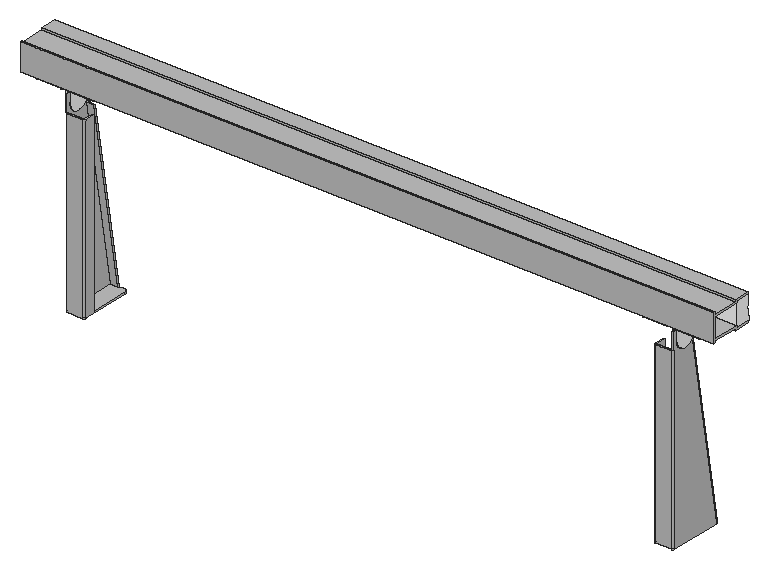
Revit family "4070757+4070746+4070772 Feilo Sylvania Lighting Fixture CURSUS 876MM 548LM WIDE LED 3K with CONTINUOUS WALL HOUSING with 250MM WALL BRACKET", category Lighting Fixtures, host Face, Revit 2017
Family settings
  Host = Face
  Round Connector Dimension = Use Diameter
  Part Type = Normal
  OmniClass Number = 23.80.70.14
  OmniClass Title = Luminaries for External Lighting
  Cut with Voids When Loaded = Yes
  Light Source = No
  Shared = No
  Room Calculation Point = No
Parameters (values of type "4070757 CURSUS 876MM 548LM WIDE LED 3K")
  Weight = "1.7 kg"
  Wattage Comments = "n/a"
  WarrantyStartDate [instance] = "n/a"
  WarrantyGuarantorParts = "n/a"
  WarrantyDurationUnit = "n/a"
  WarrantyDurationParts = "n/a"
  WarrantyDescription = "n/a"
  Voltage = 24 V
  URL = "http://www.sylvania-lighting.com"
  TypeName = "CURSUS 876MM 548LM WIDE LED 3K"
  TypeFixture_FEILO = CURSUS with CONTINUOUS WALL HOUSING : CURSUS 876MM 548LM WIDE LED 3K
  Type Image = <None>
  Type Comments = "n/a"
  TiltAngle [instance] = 0.00°
  StartAngle [instance] = TiltAngle + 270.00°  # 270.00°
  SerialNumber [instance] = "n/a"
  ReflectorMaterial = none
  PowerFactor = 0
  PowerConsumption = "13.5 W"
  NominalLength = 876 mm
  NominalHeight = 50 mm
  NominalDepth = 30 mm
  Name = "CURSUS 876MM 548LM WIDE LED 3K"
  ModelReference = Name  # "CURSUS 876MM 548LM WIDE LED 3K"
  ModelNumber = "4070757"
  Model = Name  # "CURSUS 876MM 548LM WIDE LED 3K"
  Material = "natural anodised extruded aluminium structure housing"
  ManufacturerName = "Feilo Sylvania"
  Manufacturer = "Feilo Sylvania"
  LuminousEfficacy = "40.59 lm/W"
  LuminaireType = ""
  LightOutputRatio = "100"
  LampsType = Lamp  # "LED"
  LampNominalLuminous = "548 lm"
  LampMacAdamStep = "n/a"
  LampColourTemperature = "3000 K"
  LampColourRenderingIndex = "80"
  Lamp = "LED"
  Keynote = "16500"
  InstallationDate [instance] = "n/a"
  InputVoltage = "24V DC"
  InputNominalFrequency = "n/a"
  IngressProtection = "IP67"
  ImpactProtectionIndex = "IK07"
  IfcExportType = "IfcLightFixtureType"
  IfcExportAs = "IfcLightFixtureType"
  ExpectedLife = 50000
  EndAngle [instance] = StartAngle - 180.00°  # 90.00°
  ElectricShockClassification = "Class III"
  DurationUnit = "hours"
  DocumentationLiterature = "http://www.sylvania-lighting.com/product/en-int/products/4070757"
  DimmingControlOptions = "n/a"
  DiffuserMaterial = Diffuser-Sylvania-Glow
  Description = "LED Exterior Lighting Recessed Surface Mounted Linear Fixture, Natural anodised extruded aluminium structure. Die-cast aluminium end caps. Installation kit with harmonic steel springs., 548 lm, 13,5W, 40lm/W, 3000K, CRI80+,non dimmable,IP67, IK07, (HxWxD) 876x50x30mm, 3 step Mac Adam Ellipse, 1.7kg,, Classe III, 21-25V-DC, energy class : A++, A+, A"
  Default Elevation = 1219.2 mm
  CreatedOn = "1/8/2018"
  CreatedBy = ""
  Cost = 0
  built-in parameter 1114216 [instance] = (empty or 0)
  ClassificationValue = "EF_70_80"
  ClassificationName = "Uniclass2015"
  BracketWidth = 24 mm
  BracketThickness = 2 mm
  BracketHeightEnd = 32 mm
  BracketHeight = 70 mm
  BracketFlange = BracketHeight / 5  # 14 mm
  BracketExtension = 250 mm
  BracketEndReduction = 25 mm
  BracketC = 22 mm  # constant formula
  BracketDistance = 745 mm
  BracketD = BracketHeightEnd - (BracketC * (BracketHeight - BracketHeightEnd) / (BracketExtension - BracketEndReduction))  # 28.284 mm
  BodyMaterial = Body-Sylvania-Gray
  BarCode [instance] = "n/a"
  AssetType = "Fixed"
  AssetIdentifier [instance] = "n/a"
  Assembly Code = "D5020200"
  Apparent Load = 13.5 VA
  AccessoryMaterial = Diffuser-Sylvania-Glow
Reference planes
  plane 1 "Center (Front/Back)": y = 0
  plane 2: z = 0
  plane 3 "Center (Left/Right)": x = 0
  plane 4: x = -384.5
  plane 5: x = 384.5
  plane 6: y = 70
  plane 7: x = -360.5
  plane 8: x = 360.5
  plane 9: z = 250
  plane 10: z = 236
  plane 11: z = 2
  plane 12: z = 225
  plane 13: x = -382.5
  plane 14: y = 68
  plane 15: y = 2
  plane 16: x = -362.5
  plane 17: x = 362.5
  plane 18: x = 382.5
  plane 19: x = -372.5
  plane 20: x = 372.5
  plane 21: y = 14
  plane 22: y = 32
  plane 23: y = 30
  plane 24: z = 247
  plane 25: y = 28.284
  plane 26: y = 16
Forms (mm)
  Blend 1, solid, material "Body-Sylvania-Gray" <- "BodyMaterial"
    base sketch origin (1223.4, -4572, 2) x (0, -1, 0) y (1, 0, 0)
      loop
        line (-4640, -1595.9) -> (-4642, -1595.9) -> (-4642, -1605.9)
        arc (-4642, -1605.9) -> (-4641.414, -1607.314) -> (-4640, -1607.9) r 2
        line (-4640, -1607.9) -> (-4574, -1607.9)
        arc (-4574, -1607.9) -> (-4572.586, -1607.314) -> (-4572, -1605.9) r 2
        line (-4572, -1605.9) -> (-4572, -1585.9)
        arc (-4572, -1585.9) -> (-4572.586, -1584.486) -> (-4574, -1583.9) r 2
        line (-4574, -1583.9) -> (-4586, -1583.9) -> (-4586, -1585.9) -> (-4574, -1585.9) -> (-4574, -1605.9) -> (-4640, -1605.9) -> (-4640, -1595.9)
    top sketch origin (1223.4, -4572, 2) x (0, -1, 0) y (1, 0, 0)
      loop
        line (-4586, -1585.9) -> (-4574, -1585.9) -> (-4574, -1605.9) -> (-4602, -1605.9) -> (-4602, -1595.9) -> (-4604, -1595.9) -> (-4604, -1605.9)
        arc (-4604, -1605.9) -> (-4603.52, -1607.21) -> (-4602.309, -1607.9) r 2.028
        line (-4602.309, -1607.9) -> (-4574, -1607.9)
        arc (-4574, -1607.9) -> (-4572.586, -1607.314) -> (-4572, -1605.9) r 2
        line (-4572, -1605.9) -> (-4572, -1585.9)
        arc (-4572, -1585.9) -> (-4572.586, -1584.486) -> (-4574, -1583.9) r 2
        line (-4574, -1583.9) -> (-4586, -1583.9) -> (-4586, -1585.9)
    from 0 to 223
  Extrusion 2, solid, material "Body-Sylvania-Gray" <- "BodyMaterial"
    sketch origin (0, 0, 0) x (1, 0, 0) y (0, 1, 0)
      loop
        arc (-382.5, 70) -> (-383.914, 69.414) -> (-384.5, 68) r 2
        line (-384.5, 68) -> (-384.5, 2)
        arc (-384.5, 2) -> (-383.914, 0.586) -> (-382.5, 0) r 2
        line (-382.5, 0) -> (-362.5, 0)
        arc (-362.5, 0) -> (-361.086, 0.586) -> (-360.5, 2) r 2
        line (-360.5, 2) -> (-360.5, 62.5)
        arc (-360.5, 62.5) -> (-362.697, 67.803) -> (-368, 70) r 7.5
        line (-368, 70) -> (-382.5, 70)
      loop
        line (382.5, 70) -> (368, 70)
        arc (368, 70) -> (362.697, 67.803) -> (360.5, 62.5) r 7.5
        line (360.5, 62.5) -> (360.5, 2)
        arc (360.5, 2) -> (361.086, 0.586) -> (362.5, 0) r 2
        line (362.5, 0) -> (382.5, 0)
        arc (382.5, 0) -> (383.914, 0.586) -> (384.5, 2) r 2
        line (384.5, 2) -> (384.5, 68)
        arc (384.5, 68) -> (383.914, 69.414) -> (382.5, 70) r 2
    from 0 to 2
  Blend 3, solid, material "Body-Sylvania-Gray" <- "BodyMaterial"
    base sketch origin (1223.4, -4572, 2) x (0, -1, 0) y (1, 0, 0)
      loop
        line (-4640, -840.9) -> (-4574, -840.9) -> (-4574, -860.9) -> (-4586, -860.9) -> (-4586, -862.9) -> (-4574, -862.9)
        arc (-4574, -862.9) -> (-4572.586, -862.314) -> (-4572, -860.9) r 2
        line (-4572, -860.9) -> (-4572, -840.9)
        arc (-4572, -840.9) -> (-4572.586, -839.486) -> (-4574, -838.9) r 2
        line (-4574, -838.9) -> (-4640, -838.9)
        arc (-4640, -838.9) -> (-4641.414, -839.486) -> (-4642, -840.9) r 2
        line (-4642, -840.9) -> (-4642, -850.9) -> (-4640, -850.9) -> (-4640, -840.9)
    top sketch origin (1223.4, -4572, 2) x (0, -1, 0) y (1, 0, 0)
      loop
        line (-4602, -850.9) -> (-4602, -840.9) -> (-4574, -840.9) -> (-4574, -860.9) -> (-4586, -860.9) -> (-4586, -862.9) -> (-4574, -862.9)
        arc (-4574, -862.9) -> (-4572.586, -862.314) -> (-4572, -860.9) r 2
        line (-4572, -860.9) -> (-4572, -840.9)
        arc (-4572, -840.9) -> (-4572.586, -839.486) -> (-4574, -838.9) r 2
        line (-4574, -838.9) -> (-4602, -838.9)
        arc (-4602, -838.9) -> (-4603.414, -839.486) -> (-4604, -840.9) r 2
        line (-4604, -840.9) -> (-4604, -850.9) -> (-4602, -850.9)
    from 0 to 223
  Blend 4, solid, material "Body-Sylvania-Gray" <- "BodyMaterial"
    base sketch origin (1223.4, -4572, 225) x (0, -1, 0) y (1, 0, 0)
      loop
        line (-4604, -1607.9) -> (-4572, -1607.9) -> (-4572, -1605.9) -> (-4604, -1605.9) -> (-4604, -1607.9)
    top sketch origin (1223.4, -4572, 225) x (0, -1, 0) y (1, 0, 0)
      loop
        line (-4572, -1607.9) -> (-4572, -1605.9) -> (-4600.284, -1605.9) -> (-4600.284, -1607.9) -> (-4572, -1607.9)
    from 0 to 22
  Blend 5, solid, material "Body-Sylvania-Gray" <- "BodyMaterial"
    base sketch origin (1223.4, -4572, 225) x (0, -1, 0) y (1, 0, 0)
      loop
        line (-4604, -840.9) -> (-4572, -840.9) -> (-4572, -838.9) -> (-4604, -838.9) -> (-4604, -840.9)
    top sketch origin (1223.4, -4572, 225) x (0, -1, 0) y (1, 0, 0)
      loop
        line (-4572, -838.9) -> (-4600.284, -838.9) -> (-4600.284, -840.9) -> (-4572, -840.9) -> (-4572, -838.9)
    from 0 to 22
  Extrusion 6, void
    sketch origin (0, 0, 0) x (0, 1, 0) y (0, 0, 1)
      loop
        line (0, 225) -> (2, 225) -> (2, 226.5) -> (0, 226.5) -> (0, 225)
      loop
        line (32, 225) -> (32, 226.5) -> (30, 226.5) -> (30, 225) -> (32, 225)
    from -384.5 to 384.5
  Revolve 7, solid, not visible
    sketch origin (1524, 16, 1219.2) x (1, 0, 0) y (0, 0, 1)
      loop
        line (-1524, -972.2) -> (-1524, -983.2) -> (-1151.5, -983.2) -> (-1151.5, -972.2) -> (-1524, -972.2)
      axis (-1151.5, -983.2) -> (-1524, -983.2)
    angle from 270 <- "StartAngle" to 90 <- "EndAngle"
Cuts and joins
  Extrusion 6 cuts Blend 4
  Extrusion 6 cuts Blend 5
  joined: Blend 1, Extrusion 2, Blend 3, Blend 4, Blend 5
Lines and regions (mm)
  reference lines, not visible
    curve 1: line (-360.5, 16, 236) -> (360.5, 16, 236)
Dimensions and locks
  equal spacing: plane 4, plane 3 "Center (Left/Right)", plane 5
  "BracketDistance": plane 19 to plane 20
  "BracketHeight": plane 1 "Center (Front/Back)" to plane 6
  equal spacing: plane 7, plane 3 "Center (Left/Right)", plane 8
  "BracketWidth": plane 4 to plane 7
  "BracketExtension": plane 9 to plane 2
  "BracketThickness": plane 11 to plane 2
  "BracketEndReduction": plane 9 to plane 12
  equal spacing: plane 13, plane 3 "Center (Left/Right)", plane 18
  equal spacing: plane 16, plane 3 "Center (Left/Right)", plane 17
  "BracketThickness": plane 4 to plane 13
  "BracketThickness": plane 16 to plane 7
  "BracketThickness": plane 14 to plane 6
  "BracketThickness": plane 1 "Center (Front/Back)" to plane 15
  equal spacing: plane 4, plane 19, plane 7
  equal spacing: plane 8, plane 20, plane 5
  "BracketFlange": plane 1 "Center (Front/Back)" to plane 21
  "BracketHeightEnd": plane 1 "Center (Front/Back)" to plane 22
  "BracketThickness": plane 23 to plane 22
  locked: Extrusion 2 sketch curve to plane 7 at 7.5
  locked: Extrusion 2 sketch curve to plane 6 at 7.5  (x2)
  locked: plane 8 to Extrusion 2 sketch curve at 7.5
  "BracketC": plane 24 to plane 12
  "BracketD": plane 1 "Center (Front/Back)" to plane 25
  locked: plane 12 to Extrusion 6 sketch curve at 1.5
  equal spacing: plane 24, plane 10, plane 12
  equal spacing: plane 1 "Center (Front/Back)", plane 26, plane 22
  aligned and locked: plane 2 to host face
  aligned and locked: level to host face
  aligned and locked: plane 4 to Blend 1 sketch curve  (x2)
  aligned and locked: plane 13 to Blend 1 sketch curve  (x3)
  aligned and locked: Blend 1 sketch curve to plane 15
  aligned and locked: Blend 1 sketch curve to plane 16
  aligned and locked: Blend 1 sketch curve to plane 21
  aligned and locked: plane 7 to Blend 1 sketch curve
  aligned and locked: plane 16 to Blend 1 sketch curve
  aligned and locked: plane 1 "Center (Front/Back)" to Blend 1 sketch curve
  aligned and locked: plane 14 to Blend 1 sketch curve
  aligned and locked: Blend 1 sketch curve to var sketch  (x6)
  aligned and locked: Blend 1 sketch curve to plane 19
  aligned and locked: Blend 1 sketch curve to plane 22
  aligned and locked: plane 23 to Blend 1 sketch curve
  aligned and locked: plane 11 to Blend 1
  aligned and locked: Extrusion 2 sketch curve to Blend 1  (x3)
  aligned and locked: Extrusion 2 to level
  aligned and locked: Extrusion 2 to plane 11
  aligned and locked: Extrusion 2 sketch curve to plane 7
  aligned and locked: plane 18 to Blend 3 sketch curve  (x4)
  aligned and locked: plane 14 to Blend 3 sketch curve  (x2)
  aligned and locked: Blend 3 sketch curve to plane 20
  aligned and locked: Blend 3 sketch curve to plane 6
  aligned and locked: plane 5 to Blend 3 sketch curve
  aligned and locked: plane 1 "Center (Front/Back)" to Blend 3 sketch curve
  aligned and locked: plane 15 to Blend 3 sketch curve  (x2)
  aligned and locked: Blend 3 sketch curve to plane 8
  aligned and locked: Blend 3 sketch curve to plane 21
  aligned and locked: plane 17 to Blend 3 sketch curve
  aligned and locked: Blend 3 sketch curve to plane 18
  aligned and locked: plane 20 to Blend 3 sketch curve  (x2)
  aligned and locked: Blend 3 sketch curve to plane 23
  aligned and locked: Blend 3 sketch curve to var sketch  (x8)
  aligned and locked: var sketch to Blend 3 sketch curve
  aligned and locked: plane 22 to Blend 3 sketch curve
  aligned and locked: plane 11 to Blend 3
  aligned and locked: Extrusion 2 sketch curve to Blend 3  (x4)
  aligned and locked: Blend 1 to plane 12
  aligned and locked: Blend 3 to plane 12
  aligned and locked: Blend 4 sketch curve to plane 22
  aligned and locked: Blend 4 sketch curve to cut or joined group of Blend 1, Extrusion 2, Blend 3, Blend 4, Blend 5, Extrusion 6  (x2)
  aligned and locked: cut or joined group of Blend 1, Extrusion 2, Blend 3, Blend 4, Blend 5, Extrusion 6 to Blend 4 sketch curve
  aligned and locked: Blend 4 sketch curve to var sketch  (x2)
  aligned and locked: Blend 4 sketch curve to plane 13
  aligned and locked: Blend 4 to plane 24
  aligned and locked: Blend 4 sketch curve to plane 25
  aligned and locked: Blend 5 sketch curve to plane 18  (x2)
  aligned and locked: plane 1 "Center (Front/Back)" to Blend 5 sketch curve
  aligned and locked: plane 5 to Blend 5 sketch curve
  aligned and locked: plane 22 to Blend 5 sketch curve
  aligned and locked: Blend 5 sketch curve to var sketch
  aligned and locked: var sketch to Blend 5 sketch curve
  aligned and locked: Blend 5 sketch curve to plane 25
  aligned and locked: Blend 5 to plane 24
  aligned and locked: plane 12 to Blend 5
  aligned and locked: Extrusion 6 sketch curve to cut or joined group of Blend 1, Extrusion 2, Blend 3, Blend 4, Blend 5, Extrusion 6  (x2)
  aligned and locked: Extrusion 6 sketch curve to Extrusion 6 sketch curve
  aligned and locked: Extrusion 6 sketch curve to plane 15
  aligned and locked: plane 5 to Extrusion 6
  aligned and locked: Extrusion 6 to plane 4
  aligned and locked: Extrusion 6 sketch curve to plane 23
  aligned and locked: Revolve 7 sketch curve to plane 10  (x2)
  aligned and locked: plane 24 to Revolve 7 sketch curve
  aligned and locked: plane 3 "Center (Left/Right)" to Revolve 7 sketch curve
  aligned and locked: Revolve 7 sketch curve to plane 20
  aligned and locked: plane 7 to curve 1
  aligned and locked: plane 10 to curve 1
  aligned and locked: nested 1 to plane 5
  aligned and locked: nested 2 to plane 4
  aligned and locked: nested 1 to curve 1
  aligned and locked: nested 2 to curve 1
  aligned and locked: nested 3 to plane 3 "Center (Left/Right)"
  aligned and locked: nested 1 to nested 3
Automatic sketch dimensions
  host sketch curve to host sketch curve = 2438.4 mm  (x2)
  Blend 1 sketch curve to plane 13 = 0 mm
  plane 15 to Blend 1 sketch curve = 0 mm  (x3)
  Blend 1 sketch curve to plane 23 = 0.309 mm
  plane 6 to Blend 1 sketch curve = 0 mm
  plane 14 to Blend 1 sketch curve = 0 mm
  Blend 1 sketch curve to plane 19 = 0 mm
  Blend 3 sketch curve to plane 17 = 0 mm
  Extrusion 6 sketch curve to plane 1 "Center (Front/Back)" = 0 mm
  plane 12 to Extrusion 6 sketch curve = 0 mm
  Revolve 7 sketch curve to plane 4 = 1153 mm
  plane 5 to Revolve 7 sketch curve = 1161.4 mm
  curve 1 to plane 8 = 0 mm
Nested families
  nested 1: "MountingPlate" at (383.5, 16, 236) x (-1, 0, 0) z (0, 0, 1), type "MountingPlate"
  nested 2: "MountingPlate" at (-383.5, 16, 236) x (-1, 0, 0) z (0, 0, 1), type "MountingPlate"
  nested 3: "CURSUS with CONTINUOUS WALL HOUSING" at (0, -4, 254) x (-1, 0, 0) z (0, 0, 1), type <- "TypeFixture_FEILO", type "CURSUS 876MM 548LM WIDE LED 3K"
    with WarrantyStartDate "n/a", SerialNumber "n/a", InstallationDate "n/a", EndCapRight no, EndCapLeft no, built-in parameter 1114216 (empty or 0), BarCode "n/a", AssetIdentifier "n/a"
Connectors
  electrical at (0, 0, 0), driven by "Voltage", driven by "Apparent Load", driven by "PowerFactor"
    settings: index 1, voltage 24 V, apparent load 13.5 VA, apparent load phase1 0 VA, apparent load phase2 0 VA, apparent load phase3 0 VA, power factor 0, load classification "Other", number of poles 1, system type 30, power factor state 1, is connector primary yes, connector utility no, sub classification motor no, connector description ""
Definition of nested family "MountingPlate"
  Parameters (values of type "MountingPlate")
    URL = "http://www.feilosylvania.com"
    Type Comments = "n/a"
    ReflectorMaterial = none
    MountingPlateWidth = 76 mm
    MountingPlateThickness = 2 mm
    MountingPlateRadiusBack = 12 mm
    MountingPlateRadius = 3 mm
    MountingPlateHeight = 35 mm
    Model = "n/a"
    Manufacturer = "Feilo Sylvania"
    Keynote = "n/a"
    DiffuserMaterial = none
    Description = "n/a"
    Default Elevation = 1219.2 mm
    Cost = 0
    BodyMaterial = none
    Assembly Code = "n/a"
    AccessoryMaterial = none
  Reference planes
    plane 1 "Center (Front/Back)": y = 0
    plane 2: z = 0
    plane 3 "Center (Left/Right)": x = 0
    plane 4: x = -38
    plane 5: x = 38
    plane 6: y = 17.5
    plane 7: y = -17.5
    plane 8: x = -3
    plane 9: x = 3
    plane 10: z = 18
    plane 11: z = 16
    plane 12: y = 12.5
    plane 13: y = -12.5
    plane 14: x = -1
    plane 15: x = 1
    plane 16: z = -12.5
    plane 17: z = -14.5
  Forms (mm)
    Extrusion 1, solid
      sketch origin (1.653, 0, 0) x (1, 0, 0) y (0, 1, 0)
        loop
          line (-1219.2, 1219.2) -> (-1219.2, -1219.2) -> (1219.2, -1219.2) -> (1219.2, 1219.2) -> (-1219.2, 1219.2)
      from 0 to -304.8
    Extrusion 2, solid, material <- "BodyMaterial"
      sketch origin (1218.4, -4572, 16) x (0, -1, 0) y (-1, 0, 0)
        loop
          line (-4589.5, 1253.4) -> (-4589.5, 1224.4)
          arc (-4589.5, 1224.4) -> (-4588.621, 1222.279) -> (-4586.5, 1221.4) r 3
          line (-4586.5, 1221.4) -> (-4557.5, 1221.4)
          arc (-4557.5, 1221.4) -> (-4555.379, 1222.279) -> (-4554.5, 1224.4) r 3
          line (-4554.5, 1224.4) -> (-4554.5, 1253.4)
          arc (-4554.5, 1253.4) -> (-4555.379, 1255.521) -> (-4557.5, 1256.4) r 3
          line (-4557.5, 1256.4) -> (-4586.5, 1256.4)
          arc (-4586.5, 1256.4) -> (-4588.621, 1255.521) -> (-4589.5, 1253.4) r 3
        loop
          arc (-4589.5, 1183.4) -> (-4588.621, 1181.279) -> (-4586.5, 1180.4) r 3
          line (-4586.5, 1180.4) -> (-4557.5, 1180.4)
          arc (-4557.5, 1180.4) -> (-4555.379, 1181.279) -> (-4554.5, 1183.4) r 3
          line (-4554.5, 1183.4) -> (-4554.5, 1212.4)
          arc (-4554.5, 1212.4) -> (-4555.379, 1214.521) -> (-4557.5, 1215.4) r 3
          line (-4557.5, 1215.4) -> (-4586.5, 1215.4)
          arc (-4586.5, 1215.4) -> (-4588.621, 1214.521) -> (-4589.5, 1212.4) r 3
          line (-4589.5, 1212.4) -> (-4589.5, 1183.4)
      from 0 to -2
    Extrusion 3, solid, material <- "BodyMaterial"
      sketch origin (0, 0, 0) x (1, 0, 0) y (0, 0, 1)
        loop
          line (-3, 18) -> (-3, -12.5) -> (-1, -12.5) -> (-1, 16)
          arc (-1, 16) -> (-1.586, 17.414) -> (-3, 18) r 2
        loop
          line (3, -12.5) -> (3, 18)
          arc (3, 18) -> (1.586, 17.414) -> (1, 16) r 2
          line (1, 16) -> (1, -12.5) -> (3, -12.5)
      from -12.5 to 12.5
    Extrusion 4, void
      sketch origin (0, 0, 0) x (0, 1, 0) y (0, 0, 1)
        loop
          line (-12.5, -0.5) -> (-17.5, -0.5) -> (-17.5, -14.5) -> (-0.5, -14.5) -> (-0.5, -12.5)
          arc (-0.5, -12.5) -> (-8.985, -8.985) -> (-12.5, -0.5) r 12
        loop
          line (0.5, -12.5) -> (0.5, -14.5) -> (17.5, -14.5) -> (17.5, -0.5) -> (12.5, -0.5)
          arc (12.5, -0.5) -> (8.985, -8.985) -> (0.5, -12.5) r 12
      from -3 to 3
  Cuts and joins
    Extrusion 4 cuts Extrusion 2
    Extrusion 4 cuts Extrusion 3
    joined: Extrusion 2, Extrusion 3
  Lines and regions (mm)
    reference lines
      curve 1: line (-38, 0, 0) -> (38, 0, 0)
  Dimensions and locks
    equal spacing: plane 4, plane 3 "Center (Left/Right)", plane 5
    "MountingPlateWidth": plane 4 to plane 5
    equal spacing: plane 7, plane 1 "Center (Front/Back)", plane 6
    "MountingPlateHeight": plane 7 to plane 6
    equal spacing: plane 8, plane 3 "Center (Left/Right)", plane 9
    "MountingPlateHeight": plane 4 to plane 8
    locked: plane 10 to plane 2 at 18
    "MountingPlateThickness": plane 10 to plane 11
    equal spacing: plane 13, plane 1 "Center (Front/Back)", plane 12
    locked: plane 13 to plane 12 at 25
    "MountingPlateRadius": plane 4 to Extrusion 2 sketch curve  (x2)
    "MountingPlateRadius": Extrusion 2 sketch curve to plane 6  (x4)
    "MountingPlateRadius": Extrusion 2 sketch curve to plane 8  (x2)
    "MountingPlateRadius": plane 7 to Extrusion 2 sketch curve  (x4)
    "MountingPlateRadius": plane 9 to Extrusion 2 sketch curve  (x2)
    "MountingPlateRadius": Extrusion 2 sketch curve to plane 5  (x2)
    equal spacing: plane 15, plane 3 "Center (Left/Right)", plane 14
    "MountingPlateThickness": plane 14 to plane 8
    locked: plane 2 to plane 16 at 12.5
    locked: plane 17 to plane 16 at 2
    "MountingPlateRadiusBack": plane 13 to Extrusion 4 sketch curve
    "MountingPlateRadiusBack": plane 16 to Extrusion 4 sketch curve  (x2)
    "MountingPlateRadiusBack": Extrusion 4 sketch curve to plane 12
    aligned and locked: plane 2 to Extrusion 1
    aligned and locked: level to Extrusion 1
    aligned and locked: Extrusion 2 sketch curve to plane 6
    aligned and locked: Extrusion 2 sketch curve to plane 4
    aligned and locked: plane 7 to Extrusion 2 sketch curve
    aligned and locked: plane 8 to Extrusion 2 sketch curve
    aligned and locked: plane 6 to Extrusion 2 sketch curve
    aligned and locked: Extrusion 2 sketch curve to plane 5
    aligned and locked: Extrusion 2 sketch curve to plane 7
    aligned and locked: plane 9 to Extrusion 2 sketch curve
    aligned and locked: Extrusion 2 to plane 10
    aligned and locked: plane 11 to Extrusion 2
    aligned and locked: Extrusion 3 sketch curve to Extrusion 2  (x2)
    aligned and locked: plane 16 to Extrusion 3 sketch curve  (x2)
    aligned and locked: plane 14 to Extrusion 3 sketch curve
    aligned and locked: plane 9 to Extrusion 3 sketch curve
    aligned and locked: plane 15 to Extrusion 3 sketch curve
    aligned and locked: Extrusion 3 to plane 12
    aligned and locked: plane 13 to Extrusion 3
    aligned and locked: plane 17 to Extrusion 4 sketch curve  (x2)
    aligned and locked: Extrusion 4 sketch curve to plane 7
    aligned and locked: Extrusion 4 sketch curve to plane 6
    aligned and locked: plane 9 to Extrusion 4
    aligned and locked: Extrusion 4 to plane 8
    aligned and locked: plane 4 to curve 1
    aligned and locked: curve 1 to level
  Automatic sketch dimensions
    Extrusion 1 sketch curve to Extrusion 1 sketch curve = 2438.4 mm  (x2)
    Extrusion 3 sketch curve to plane 11 = 0 mm
    curve 1 to plane 5 = 0 mm
    Extrusion 4 sketch curve to plane 13 = 0 mm
    Extrusion 4 sketch curve to plane 12 = 0 mm
Definition of nested family "CURSUS with CONTINUOUS WALL HOUSING"
  Parameters (values of type "CURSUS 1161MM 827LM OVAL LED 3K")
    Width_FEILO = 35 mm
    Weight = "2.2 kg"
    Wattage Comments = "n/a"
    Wattage = 18 W
    WarrantyStartDate [instance] = "n/a"
    WarrantyGuarantorParts = "n/a"
    WarrantyDurationUnit = "n/a"
    WarrantyDurationParts = "n/a"
    WarrantyDescription = "n/a"
    WallThickness_FEILO = 2.5 mm
    built-in parameter 1150110 = 1 (stored number, unit not read)
    Voltage = 24 V
    URL = "http://www.feilosylvania.com"
    TypeName = "CURSUS 1161MM 827LM OVAL LED 3K"
    Type Image = (empty or 0)
    Type Comments = "n/a"
    built-in parameter 1114217 = 1 (stored number, unit not read)
    Tilt Angle = -90.00°
    built-in parameter 1150109 = 1 (stored number, unit not read)
    built-in parameter 1150134 = (empty or 0)
    built-in parameter 1150113 = 1 (stored number, unit not read)
    SerialNumber [instance] = "n/a"
    ReflectorMaterial = none
    PowerFactor = 0
    PowerConsumption = "18 W"
    Photometric Web File = "4070765.ies"
    NominalLength = 1161 mm
    NominalHeight = 50 mm
    NominalDepth = 30 mm
    Name = "CURSUS 1161MM 827LM OVAL LED 3K"
    ModelReference = Name  # "CURSUS 1161MM 827LM OVAL LED 3K"
    ModelNumber = ""
    Model = Name  # "CURSUS 1161MM 827LM OVAL LED 3K"
    Material = "natural anodised extruded aluminium structure housing, optical system with pmma lenses diffuser"
    ManufacturerName = "Feilo Sylvania"
    Manufacturer = "Feilo Sylvania"
    LuminousEfficacy = "45.94 lm/W"
    built-in parameter 1150105 = 65.811 (stored number, unit not read)
    Lumens = 827 lm
    LuminaireType = ""
    built-in parameter 1150115 = 1 (stored number, unit not read)
    LightOutputRatio = "100"
    built-in parameter 1150137 = (empty or 0)
    built-in parameter 1150139 = (empty or 0)
    Length_FEILO = 1167 mm
    LampsType = Lamp  # "LED"
    LampNominalLuminous = "827 lm"
    LampMacAdamStep = "n/a"
    LampColourTemperature = "3000 K"
    LampColourRenderingIndex = "80"
    built-in parameter 1150112 = 1 (stored number, unit not read)
    built-in parameter 1150114 = 1 (stored number, unit not read)
    Lamp = "LED"
    Keynote = "16500"
    InstallationDate [instance] = "n/a"
    InputVoltage = "24V DC"
    InputNominalFrequency = "n/a"
    built-in parameter 1150132 = (empty or 0)
    built-in parameter 1150102 = (empty or 0)
    built-in parameter 1150107 = 3000 (stored number, unit not read)
    built-in parameter 1150138 = (empty or 0)
    IngressProtection = "IP67"
    ImpactProtectionIndex = "IK07"
    built-in parameter 1150106 = 0.65811 (stored number, unit not read)
    IfcExportType = "IfcLightFixtureType"
    IfcExportAs = "IfcLightFixtureType"
    ExpectedLife = 50000
    EndCapRight [instance] = no
    EndCapLeft [instance] = no
    Emit from Rectangle Width = Width_FEILO - WallThickness_FEILO * 2  # 30 mm
    Emit from Rectangle Length = Length_FEILO - WallThickness_FEILO * 2  # 1162 mm
    Emit Shape Visible in Rendering = no
    ElectricShockClassification = "Class III"
    built-in parameter 1150104 = 4.2684 (stored number, unit not read)
    DurationUnit = "hours"
    DocumentationLiterature = "http://www.feilosylvania.com/product/en-int/products/4070765"
    DimmingControlOptions = "n/a"
    Dimming Lamp Color Temperature Shift = (empty or 0)
    DiffuserMaterial = none
    Description = "LED Exterior Lighting Recessed Surface Mounted Linear Fixture, Natural anodised extruded aluminium structure. Die-cast aluminium end caps. Installation kit with harmonic steel springs., 827 lm, 18W, 45lm/W, 3000K, CRI80+,non dimmable,IP67, IK07, (HxWxD) 1161x50x30mm, 3 step Mac Adam Ellipse, 2.2kg,, Classe III, 21-25V-DC, energy class : A++, A+, A"
    Default Elevation = 1219.2 mm
    CreatedOn = "1/8/2018"
    CreatedBy = "aron.fodor@feilosylvania.com"
    Cost = 0
    Color Filter = 16777215
    built-in parameter 1114216 [instance] = (empty or 0)
    ClassificationValue = "EF_70_80"
    ClassificationName = "Uniclass2015"
    BodyMaterial = none
    BarCode [instance] = "n/a"
    built-in parameter 1114218 = 1 (stored number, unit not read)
    built-in parameter 1150133 = 10 (stored number, unit not read)
    AssetType = "Fixed"
    AssetIdentifier [instance] = "n/a"
    Assembly Code = "D5020200"
    Apparent Load = 18 VA
    AccessoryMaterial = none
  Types (16, lengths in mm): name | Weight | Wattage | Voltage | TypeName | built-in parameter 1150134 | PowerConsumption | Photometric Web File | NominalLength | Name | ModelReference | Model | Material | LuminousEfficacy | built-in parameter 1150105 | Lumens | Length_FEILO | LampNominalLuminous | LampColourTemperature | InputVoltage | InputNominalFrequency | built-in parameter 1150107 | built-in parameter 1150106 | Emit from Rectangle Length | built-in parameter 1150104 | DocumentationLiterature | Description | Apparent Load
    CURSUS 1161MM 827LM OVAL LED 3K | "2.2 kg" | 18 W | 24 V | "CURSUS 1161MM 827LM OVAL LED 3K" | (empty or 0) | "18 W" | "4070765.ies" | 1161 | "CURSUS 1161MM 827LM OVAL LED 3K" | "CURSUS 1161MM 827LM OVAL LED 3K" | "CURSUS 1161MM 827LM OVAL LED 3K" | "natural anodised extruded aluminium structure housing, optical system with pmma lenses diffuser" | "45.94 lm/W" | 65.811 (stored number, unit not read) | 827 lm | 1167 | "827 lm" | "3000 K" | "24V DC" | "n/a" | 3000 (stored number, unit not read) | 0.65811 (stored number, unit not read) | 1162 | 4.2684 (stored number, unit not read) | "http://www.feilosylvania.com/product/en-int/products/4070765" | "LED Exterior Lighting Recessed Surface Mounted Linear Fixture, Natural anodised extruded aluminium structure. Die-cast aluminium end caps. Installation kit with harmonic steel springs., 827 lm, 18W, 45lm/W, 3000K, CRI80+,non dimmable,IP67, IK07, (HxWxD) 1161x50x30mm, 3 step Mac Adam Ellipse, 2.2kg,, Classe III, 21-25V-DC, energy class : A++, A+, A" | 18 VA
    CURSUS 1161MM 731LM WIDE LED 3K | "2.2 kg" | 18 W | 230 V | "CURSUS 1161MM 731LM WIDE LED 3K" | (empty or 0) | "18 W" | "4070764.ies" | 1161 | "CURSUS 1161MM 731LM WIDE LED 3K" | "CURSUS 1161MM 731LM WIDE LED 3K" | "CURSUS 1161MM 731LM WIDE LED 3K" | "natural anodised extruded aluminium structure housing" | "40.61 lm/W" | 58.171 (stored number, unit not read) | 731 lm | 1167 | "731 lm" | "3000 K" | "220-240V~" | "n/a" | 3000 (stored number, unit not read) | 0.58171 (stored number, unit not read) | 1162 | 3.7729 (stored number, unit not read) | "http://www.feilosylvania.com/product/en-int/products/4070764" | "LED Exterior Lighting Recessed Surface Mounted Linear Fixture, Natural anodised extruded aluminium structure. Die-cast aluminium end caps. Installation kit with harmonic steel springs., 731 lm, 18W, 40lm/W, 3000K, CRI80+,non dimmable,IP67, IK07, (HxWxD) 1161x50x30mm, 3 step Mac Adam Ellipse, 2.2kg,, Classe III, 21-25V-DC, energy class : A++, A+, A" | 18 VA
    CURSUS 1161MM 871LM OVAL LED 4K | "2.2 kg" | 18 W | 24 V | "CURSUS 1161MM 871LM OVAL LED 4K" | 12 | "18 W" | "4070763.ies" | 1161 | "CURSUS 1161MM 871LM OVAL LED 4K" | "CURSUS 1161MM 871LM OVAL LED 4K" | "CURSUS 1161MM 871LM OVAL LED 4K" | "natural anodised extruded aluminium structure housing, optical system with pmma lenses diffuser" | "48.38 lm/W" | 69.312 (stored number, unit not read) | 871 lm | 1167 | "871 lm" | "4000 K" | "24V DC" | "50/60 Hz" | 4000 (stored number, unit not read) | 0.69312 (stored number, unit not read) | 1162 | 4.4955 (stored number, unit not read) | "http://www.feilosylvania.com/product/en-int/products/4070763" | "LED Exterior Lighting Recessed Surface Mounted Linear Fixture, Natural anodised extruded aluminium structure. Die-cast aluminium end caps. Installation kit with harmonic steel springs., 871 lm, 18W,  48lm/W, 4000K, CRI80+,non dimmable,IP67, IK07, (HxWxD) 1161x50x30mm, 3 step Mac Adam Ellipse, 2.2kg,, Classe III, 21-25V-DC, energy class : A++, A+, A" | 18 VA
    CURSUS 1161MM 770LM WIDE LED 4K | "2.2 kg" | 18 W | 230 V | "CURSUS 1161MM 770LM WIDE LED 4K" | 12 | "18 W" | "4070762.ies" | 1161 | "CURSUS 1161MM 770LM WIDE LED 4K" | "CURSUS 1161MM 770LM WIDE LED 4K" | "CURSUS 1161MM 770LM WIDE LED 4K" | "natural anodised extruded aluminium structure housing" | "42.77 lm/W" | 61.275 (stored number, unit not read) | 770 lm | 1167 | "770 lm" | "4000 K" | "220-240V~" | "n/a" | 4000 (stored number, unit not read) | 0.61275 (stored number, unit not read) | 1162 | 3.9742 (stored number, unit not read) | "http://www.feilosylvania.com/product/en-int/products/4070762" | "LED Exterior Lighting Recessed Surface Mounted Linear Fixture, Natural anodised extruded aluminium structure. Die-cast aluminium end caps. Installation kit with harmonic steel springs., 770 lm, 18W,  42lm/W, 4000K, CRI80+,non dimmable,IP67, IK07, (HxWxD) 1161x50x30mm, 3 step Mac Adam Ellipse, 2.2kg,, Classe III, 21-25V-DC, energy class : A++, A+, A" | 18 VA
    CURSUS 876MM 620LM OVAL LED 3K | "1.7 kg" | 13.5 W | 24 V | "CURSUS 876MM 620LM OVAL LED 3K" | (empty or 0) | "13.5 W" | "4070758.ies" | 876 | "CURSUS 876MM 620LM OVAL LED 3K" | "CURSUS 876MM 620LM OVAL LED 3K" | "CURSUS 876MM 620LM OVAL LED 3K" | "natural anodised extruded aluminium structure housing, optical system with pmma lenses diffuser" | "45.92 lm/W" | 49.338 (stored number, unit not read) | 620 lm | 882 | "620 lm" | "3000 K" | "24V DC" | "50/60 Hz" | 3000 (stored number, unit not read) | 0.49338 (stored number, unit not read) | 877 | 4.2667 (stored number, unit not read) | "http://www.feilosylvania.com/product/en-int/products/4070758" | "LED Exterior Lighting Recessed Surface Mounted Linear Fixture, Natural anodised extruded aluminium structure. Die-cast aluminium end caps. Installation kit with harmonic steel springs., 620 lm, 13,5W, 45lm/W, 3000K, CRI80+,non dimmable,IP67, IK07, (HxWxD) 876x50x30mm, 3 step Mac Adam Ellipse, 1.7kg,, Classe III, 21-25V-DC, energy class : A++, A+, A" | 13.5 VA
    CURSUS 876MM 548LM WIDE LED 3K | "1.7 kg" | 13.5 W | 24 V | "CURSUS 876MM 548LM WIDE LED 3K" | (empty or 0) | "13.5 W" | "4070757.ies" | 876 | "CURSUS 876MM 548LM WIDE LED 3K" | "CURSUS 876MM 548LM WIDE LED 3K" | "CURSUS 876MM 548LM WIDE LED 3K" | "natural anodised extruded aluminium structure housing" | "40.59 lm/W" | 43.608 (stored number, unit not read) | 548 lm | 882 | "548 lm" | "3000 K" | "24V DC" | "n/a" | 3000 (stored number, unit not read) | 0.43608 (stored number, unit not read) | 877 | 3.7712 (stored number, unit not read) | "http://www.feilosylvania.com/product/en-int/products/4070757" | "LED Exterior Lighting Recessed Surface Mounted Linear Fixture, Natural anodised extruded aluminium structure. Die-cast aluminium end caps. Installation kit with harmonic steel springs., 548 lm, 13,5W, 40lm/W, 3000K, CRI80+,non dimmable,IP67, IK07, (HxWxD) 876x50x30mm, 3 step Mac Adam Ellipse, 1.7kg,, Classe III, 21-25V-DC, energy class : A++, A+, A" | 13.5 VA
    CURSUS 876MM 653LM OVAL LED 4K | "1.7 kg" | 13.5 W | 24 V | "CURSUS 876MM 653LM OVAL LED 4K" | 12 | "13.5 W" | "4070756.ies" | 876 | "CURSUS 876MM 653LM OVAL LED 4K" | "CURSUS 876MM 653LM OVAL LED 4K" | "CURSUS 876MM 653LM OVAL LED 4K" | "natural anodised extruded aluminium structure housing, optical system with pmma lenses diffuser" | "48.37 lm/W" | 51.964 (stored number, unit not read) | 653 lm | 882 | "653 lm" | "4000 K" | "24V DC" | "n/a" | 4000 (stored number, unit not read) | 0.51964 (stored number, unit not read) | 877 | 4.4938 (stored number, unit not read) | "http://www.feilosylvania.com/product/en-int/products/4070756" | "LED Exterior Lighting Recessed Surface Mounted Linear Fixture, Natural anodised extruded aluminium structure. Die-cast aluminium end caps. Installation kit with harmonic steel springs., 653 lm, 13,5W,  48lm/W, 4000K, CRI80+,non dimmable,IP67, IK07, (HxWxD) 876x50x30mm, 3 step Mac Adam Ellipse, 1.7kg,, Classe III, 21-25V-DC, energy class : A++, A+, A" | 13.5 VA
    CURSUS 876MM 577LM WIDE LED 4K | "1.7 kg" | 13.5 W | 24 V | "CURSUS 876MM 577LM WIDE LED 4K" | 12 | "13.5 W" | "4070755.ies" | 876 | "CURSUS 876MM 577LM WIDE LED 4K" | "CURSUS 876MM 577LM WIDE LED 4K" | "CURSUS 876MM 577LM WIDE LED 4K" | "natural anodised extruded aluminium structure housing" | "42.74 lm/W" | 45.916 (stored number, unit not read) | 577 lm | 882 | "577 lm" | "4000 K" | "24V DC" | "n/a" | 4000 (stored number, unit not read) | 0.45916 (stored number, unit not read) | 877 | 3.9707 (stored number, unit not read) | "http://www.feilosylvania.com/product/en-int/products/4070755" | "LED Exterior Lighting Recessed Surface Mounted Linear Fixture, Natural anodised extruded aluminium structure. Die-cast aluminium end caps. Installation kit with harmonic steel springs., 577 lm, 13,5W,  42lm/W, 4000K, CRI80+,non dimmable,IP67, IK07, (HxWxD) 876x50x30mm, 3 step Mac Adam Ellipse, 1.7kg,, Classe III, 21-25V-DC, energy class : A++, A+, A" | 13.5 VA
    CURSUS 591MM 414LM OVAL LED 3K | "1.2 kg" | 9 W | 24 V | "CURSUS 591MM 414LM OVAL LED 3K" | (empty or 0) | "9 W" | "4070751.ies" | 591 | "CURSUS 591MM 414LM OVAL LED 3K" | "CURSUS 591MM 414LM OVAL LED 3K" | "CURSUS 591MM 414LM OVAL LED 3K" | "natural anodised extruded aluminium structure housing, optical system with pmma lenses diffuser" | "46 lm/W" | 32.945 (stored number, unit not read) | 414 lm | 597 | "414 lm" | "3000 K" | "24V DC" | "n/a" | 3000 (stored number, unit not read) | 0.32945 (stored number, unit not read) | 592 | 4.2735 (stored number, unit not read) | "http://www.feilosylvania.com/product/en-int/products/4070751" | "LED Exterior Lighting Recessed Surface Mounted Linear Fixture, Natural anodised extruded aluminium structure. Die-cast aluminium end caps. Installation kit with harmonic steel springs., 414 lm, 9W, 46lm/W, 3000K, CRI80+,non dimmable,IP67, IK07, (HxWxD) 591x50x30mm, 3 step Mac Adam Ellipse, 1.2kg,, Classe III, 21-25V-DC, energy class : A++, A+, A" | 9 VA
    CURSUS 591MM 365LM WIDE LED 3K | "1.2 kg" | 9 W | 24 V | "CURSUS 591MM 365LM WIDE LED 3K" | (empty or 0) | "9 W" | "4070750.ies" | 591 | "CURSUS 591MM 365LM WIDE LED 3K" | "CURSUS 591MM 365LM WIDE LED 3K" | "CURSUS 591MM 365LM WIDE LED 3K" | "natural anodised extruded aluminium structure housing" | "40.55 lm/W" | 29.046 (stored number, unit not read) | 365 lm | 597 | "365 lm" | "3000 K" | "24V DC" | "n/a" | 3000 (stored number, unit not read) | 0.29046 (stored number, unit not read) | 592 | 3.7677 (stored number, unit not read) | "http://www.feilosylvania.com/product/en-int/products/4070750" | "LED Exterior Lighting Recessed Surface Mounted Linear Fixture, Natural anodised extruded aluminium structure. Die-cast aluminium end caps. Installation kit with harmonic steel springs., 365 lm, 9W, 40lm/W, 3000K, CRI80+,non dimmable,IP67, IK07, (HxWxD) 591x50x30mm, 3 step Mac Adam Ellipse, 1.2kg,, Classe III, 21-25V-DC, energy class : A++, A+, A" | 9 VA
    CURSUS 591MM 435LM OVAL LED 4K | "1.2 kg" | 9 W | 24 V | "CURSUS 591MM 435LM OVAL LED 4K" | 12 | "9 W" | "4070749.ies" | 591 | "CURSUS 591MM 435LM OVAL LED 4K" | "CURSUS 591MM 435LM OVAL LED 4K" | "CURSUS 591MM 435LM OVAL LED 4K" | "natural anodised extruded aluminium structure housing, optical system with pmma lenses diffuser" | "48.33 lm/W" | 34.616 (stored number, unit not read) | 435 lm | 597 | "435 lm" | "4000 K" | "24V DC" | "n/a" | 4000 (stored number, unit not read) | 0.34616 (stored number, unit not read) | 592 | 4.4903 (stored number, unit not read) | "http://www.feilosylvania.com/product/en-int/products/4070749" | "LED Exterior Lighting Recessed Surface Mounted Linear Fixture, Natural anodised extruded aluminium structure. Die-cast aluminium end caps. Installation kit with harmonic steel springs., 435 lm, 9W, 48lm/W, 4000K, CRI80+,non dimmable,IP67, IK07, (HxWxD) 591x50x30mm, 3 step Mac Adam Ellipse, 1.2kg,, Classe III, 21-25V-DC, energy class : A++, A+, A" | 9 VA
    CURSUS 591MM 385LM WIDE LED 4K | "1.2 kg" | 9 W | 24 V | "CURSUS 591MM 385LM WIDE LED 4K" | 12 | "9 W" | "4070748.ies" | 591 | "CURSUS 591MM 385LM WIDE LED 4K" | "CURSUS 591MM 385LM WIDE LED 4K" | "CURSUS 591MM 385LM WIDE LED 4K" | "natural anodised extruded aluminium structure housing" | "42.77 lm/W" | 30.637 (stored number, unit not read) | 385 lm | 597 | "385 lm" | "4000 K" | "24V DC" | "n/a" | 4000 (stored number, unit not read) | 0.30637 (stored number, unit not read) | 592 | 3.9742 (stored number, unit not read) | "http://www.feilosylvania.com/product/en-int/products/4070748" | "LED Exterior Lighting Recessed Surface Mounted Linear Fixture, Natural anodised extruded aluminium structure. Die-cast aluminium end caps. Installation kit with harmonic steel springs., 385 lm, 9W,  42lm/W, 4000K, CRI80+,non dimmable,IP67, IK07, (HxWxD) 591x50x30mm, 3 step Mac Adam Ellipse, 1.2kg,, Classe III, 21-25V-DC, energy class : A++, A+, A" | 9 VA
    CURSUS 306MM 207LM OVAL LED3K | "0.6 kg" | 4.5 W | 24 V | "CURSUS 306MM 207LM OVAL LED3K" | (empty or 0) | "4.5 W" | "4070744.ies" | 306 | "CURSUS 306MM 207LM OVAL LED3K" | "CURSUS 306MM 207LM OVAL LED3K" | "CURSUS 306MM 207LM OVAL LED3K" | "natural anodised extruded aluminium structure housing, optical system with pmma lenses diffuser" | "46 lm/W" | 16.473 (stored number, unit not read) | 207 lm | 312 | "207 lm" | "3000 K" | "24V DC" | "n/a" | 3000 (stored number, unit not read) | 0.16473 (stored number, unit not read) | 307 | 4.2735 (stored number, unit not read) | "http://www.feilosylvania.com/product/en-int/products/4070744" | "LED Exterior Lighting Recessed Surface Mounted Linear Fixture, Natural anodised extruded aluminium structure. Die-cast aluminium end caps. Installation kit with harmonic steel springs., 207 lm, 4,5W, 46lm/W, 3000K, CRI80+,non dimmable,IP67, IK07, (HxWxD) 306x50x30mm, 3 step Mac Adam Ellipse, 0.6kg,, Classe III, 21-25V-DC, energy class : A++, A+, A" | 4.5 VA
    CURSUS 306MM 183LM WIDE LED 3K | "0.6 kg" | 4.5 W | 24 V | "CURSUS 306MM 183LM WIDE LED 3K" | (empty or 0) | "4.5 W" | "4070743.ies" | 306 | "CURSUS 306MM 183LM WIDE LED 3K" | "CURSUS 306MM 183LM WIDE LED 3K" | "CURSUS 306MM 183LM WIDE LED 3K" | "natural anodised extruded aluminium structure housing" | "40.66 lm/W" | 14.563 (stored number, unit not read) | 183 lm | 312 | "183 lm" | "3000 K" | "24V DC" | "n/a" | 3000 (stored number, unit not read) | 0.14563 (stored number, unit not read) | 307 | 3.7781 (stored number, unit not read) | "http://www.feilosylvania.com/product/en-int/products/4070743" | "LED Exterior Lighting Recessed Surface Mounted Linear Fixture, Natural anodised extruded aluminium structure. Die-cast aluminium end caps. Installation kit with harmonic steel springs., 183 lm, 4,5W, 40lm/W, 3000K, CRI80+,non dimmable,IP67, IK07, (HxWxD) 306x50x30mm, 3 step Mac Adam Ellipse, 0.6kg,, Classe III, 21-25V-DC, energy class : A++, A+, A" | 4.5 VA
    CURSUS 306MM 218LM OVAL LED 4K | "0.6 kg" | 4.5 W | 24 V | "CURSUS 306MM 218LM OVAL LED 4K" | 12 | "4.5 W" | "4070742.ies" | 306 | "CURSUS 306MM 218LM OVAL LED 4K" | "CURSUS 306MM 218LM OVAL LED 4K" | "CURSUS 306MM 218LM OVAL LED 4K" | "natural anodised extruded aluminium structure housing, optical system with pmma lenses diffuser" | "48.44 lm/W" | 17.348 (stored number, unit not read) | 218 lm | 312 | "218 lm" | "4000 K" | "24V DC" | "n/a" | 4000 (stored number, unit not read) | 0.17348 (stored number, unit not read) | 307 | 4.5006 (stored number, unit not read) | "http://www.feilosylvania.com/product/en-int/products/4070742" | "LED Exterior Lighting Recessed Surface Mounted Linear Fixture, Natural anodised extruded aluminium structure. Die-cast aluminium end caps. Installation kit with harmonic steel springs., 218 lm, 4,5W,  48lm/W, 4000K, CRI80+,non dimmable,IP67, IK07, (HxWxD) 306x50x30mm, 3 step Mac Adam Ellipse, 0.6kg,, Classe III, 21-25V-DC, energy class : A++, A+, A" | 4.5 VA
    CURSUS 306MM 192LM WIDE LED 4K | "0.6 kg" | 4.5 W | 24 V | "CURSUS 306MM 192LM WIDE LED 4K" | 12 | "4.5 W" | "4070741.ies" | 306 | "CURSUS 306MM 192LM WIDE LED 4K" | "CURSUS 306MM 192LM WIDE LED 4K" | "CURSUS 306MM 192LM WIDE LED 4K" | "natural anodised extruded aluminium structure housing" | "42.66 lm/W" | 15.279 (stored number, unit not read) | 192 lm | 312 | "192 lm" | "4000 K" | "24V DC" | "n/a" | 4000 (stored number, unit not read) | 0.15279 (stored number, unit not read) | 307 | 3.9639 (stored number, unit not read) | "http://www.feilosylvania.com/product/en-int/products/4070741" | "LED Exterior Lighting Recessed Surface Mounted Linear Fixture, Natural anodised extruded aluminium structure. Die-cast aluminium end caps. Installation kit with harmonic steel springs., 192 lm, 4,5W,  42lm/W, 4000K, CRI80+,non dimmable,IP67, IK07, (HxWxD) 306x50x30mm, 3 step Mac Adam Ellipse, 0.6kg,, Classe III, 21-25V-DC, energy class : A++, A+, A" | 4.5 VA
  Reference planes
    plane 1 "Center (Front/Back)": y = 0
    plane 2: z = 0
    plane 3 "Center (Left/Right)": x = 0
    plane 4: x = 583.5
    plane 5: x = -583.5
    plane 6: x = -581
    plane 7: x = 581
    plane 8: z = 35
    plane 9: z = 17.5
    plane 10: z = 32.5
    plane 11: z = 2.5
    plane 12: z = 30
    plane 13: z = 5
    plane 14: y = -55
    plane 15: y = -53
    plane 16: y = -2.5
    plane 17: y = -37
    plane 18: y = -34.5
  Forms (mm)
    Extrusion 1, solid
      sketch origin (4.2, 0, 0) x (1, 0, 0) y (0, 1, 0)
        loop
          line (-1219.2, 1219.2) -> (-1219.2, -1219.2) -> (1219.2, -1219.2) -> (1219.2, 1219.2) -> (-1219.2, 1219.2)
      from 0 to -304.8
    Extrusion 2, solid, material <- "BodyMaterial"
      sketch origin (0, 0, 0) x (0, 1, 0) y (0, 0, 1)
        loop
          line (0, 35) -> (-2.5, 35) -> (-2.5, 32.5) -> (-34.5, 32.5) -> (-34.5, 35) -> (-55, 35) -> (-55, 32.5) -> (-37, 32.5) -> (-37, 30) -> (-2.5, 30) -> (-2.5, 5) -> (-37, 5) -> (-37, 2.5) -> (-55, 2.5) -> (-55, 0) -> (-34.5, 0) -> (-34.5, 2.5) -> (-2.5, 2.5) -> (-2.5, 0) -> (0, 0) -> (0, 35)
      from -581 to 581
    Extrusion 3, solid, material <- "DiffuserMaterial"
      sketch origin (0, 0, 0) x (0, 1, 0) y (0, 0, 1)
        loop
          line (-37, 32.5) -> (-55, 32.5) -> (-55, 19.5) -> (-53, 17.5) -> (-55, 15.5) -> (-55, 2.5) -> (-37, 2.5) -> (-37, 32.5)
      from -581 to 581
    Extrusion 4, solid, material <- "BodyMaterial", visible <- "EndCapRight"
      sketch origin (581, 1524, 1219.2) x (0, 1, 0) y (0, 0, 1)
        loop
          line (-1579, -1184.2) -> (-1579, -1219.2) -> (-1524, -1219.2) -> (-1524, -1184.2) -> (-1579, -1184.2)
      from 0 to 2.5
    Extrusion 5, solid, material <- "BodyMaterial", visible <- "EndCapLeft"
      sketch origin (-581, 1524, 1219.2) x (0, 1, 0) y (0, 0, 1)
        loop
          line (-1579, -1184.2) -> (-1579, -1219.2) -> (-1524, -1219.2) -> (-1524, -1184.2) -> (-1579, -1184.2)
      from -2.5 to 0
  Dimensions and locks
    equal spacing: plane 5, plane 3 "Center (Left/Right)", plane 4
    "Length_FEILO": plane 5 to plane 4
    equal spacing: plane 6, plane 3 "Center (Left/Right)", plane 7
    "WallThickness_FEILO": plane 5 to plane 6
    locked: plane 9 to plane 2 at 17.5
    locked: plane 8 to plane 2 at 35
    equal spacing: plane 11, plane 9, plane 10
    equal spacing: plane 13, plane 9, plane 12
    "WallThickness_FEILO": plane 12 to plane 10
    locked: plane 14 to plane 15 at 2
    locked: plane 14 to plane 17 at 18
    "WallThickness_FEILO": plane 17 to plane 18
    "WallThickness_FEILO": plane 16 to plane 1 "Center (Front/Back)"
    locked: plane 15 to Extrusion 3 sketch curve (angle 45.00°)
    locked: Extrusion 3 sketch curve to plane 15 (angle 45.00°)
    aligned and locked: plane 2 to Extrusion 1
    aligned and locked: level to Extrusion 1
    aligned and locked: plane 1 "Center (Front/Back)" to Extrusion 2 sketch curve
    aligned and locked: Extrusion 2 sketch curve to plane 8  (x2)
    aligned and locked: plane 16 to Extrusion 2 sketch curve
    aligned and locked: Extrusion 1 to Extrusion 2 sketch curve
    aligned and locked: Extrusion 2 sketch curve to plane 16  (x2)
    aligned and locked: Extrusion 2 sketch curve to plane 11
    aligned and locked: plane 18 to Extrusion 2 sketch curve
    aligned and locked: level to Extrusion 2 sketch curve
    aligned and locked: plane 11 to Extrusion 2 sketch curve
    aligned and locked: Extrusion 2 sketch curve to plane 17
    aligned and locked: plane 13 to Extrusion 2 sketch curve
    aligned and locked: Extrusion 2 sketch curve to plane 12
    aligned and locked: plane 10 to Extrusion 2 sketch curve  (x2)
    aligned and locked: plane 17 to Extrusion 2 sketch curve  (x2)
    aligned and locked: plane 12 to Extrusion 2 sketch curve
    aligned and locked: Extrusion 2 sketch curve to plane 10
    aligned and locked: Extrusion 2 sketch curve to plane 18
    aligned and locked: plane 7 to Extrusion 2
    aligned and locked: Extrusion 2 to plane 6
    aligned and locked: Extrusion 3 sketch curve to Extrusion 2  (x4)
    aligned and locked: Extrusion 2 to Extrusion 3 sketch curve
    aligned and locked: plane 9 to Extrusion 3 sketch curve
    aligned and locked: plane 7 to Extrusion 3
    aligned and locked: Extrusion 3 to plane 6
    aligned and locked: Extrusion 4 sketch curve to Extrusion 2  (x4)
    aligned and locked: plane 4 to Extrusion 4
    aligned and locked: Extrusion 4 to plane 7
    aligned and locked: Extrusion 5 sketch curve to Extrusion 4  (x3)
    aligned and locked: Extrusion 5 sketch curve to Extrusion 2
    aligned and locked: Extrusion 5 to plane 5
    aligned and locked: plane 6 to Extrusion 5
    aligned and locked: plane 14 to imposter light
    aligned and locked: imposter light to plane 9
    aligned and locked: plane 3 "Center (Left/Right)" to imposter light
  Automatic sketch dimensions
    Extrusion 1 sketch curve to Extrusion 1 sketch curve = 2438.4 mm  (x2)
    Extrusion 2 sketch curve to plane 14 = 0 mm  (x2)
    Extrusion 3 sketch curve to plane 15 = 0 mm
  Connectors
    electrical at (0, 0, 0), driven by "Apparent Load", driven by "PowerFactor", driven by "Voltage"
      settings: index 1, voltage 24 V, apparent load 18 VA, apparent load phase1 0 VA, apparent load phase2 0 VA, apparent load phase3 0 VA, power factor 0, load classification none, number of poles 1, system type 30, power factor state 1, is connector primary yes, connector utility no, sub classification motor no, connector description ""
